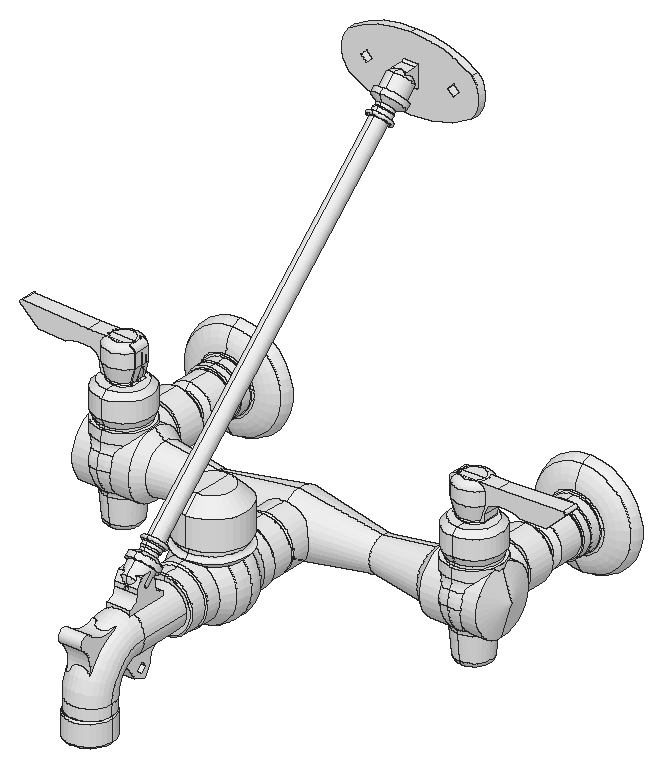
Revit family
Parameters (values of type "8344.012.002")
  Waste Connection = no
  WFU = 0
  Vent Connection = no
  URL = "http://www.americanstandard-us.com"
  Type Comments = ""
  Revised Date = "12/12/11"
  Product URL = "http://www.americanstandard-us.com/products/productDetail.aspx?id=4320"
  Phone # = "416-250-5656"
  Model = "8344.012.002"
  Material = Cast Brass
  Manufacturer = "American Standard"
  Keynote = ""
  HWFU = 0
  HW Connection = no
  Designed By = "ATS BIM Team"
  Description = "Faucet, C.P. 6\" - 10\" (152mm-250mm) adjustable wall mounted C.C., solid cast brass body, 6\" (152mm) cast brass spout with vacuum breaker, 1/4 turn ceramic disc cartridges, 19 LPM - 34 LPM (5 GPM - 9 GPM), brass lever handles, integral stops, top brace and hose end."
  Cost = 0
  CWFU = 0
  CW Connection = no
Reference planes (in)
  plane 1: z = 0
  plane 2: x = 0
  plane 3: y = 3.38087
  plane 4: x = -3.98774
Forms (in)
  Extrusion 1, solid, material "Cast Brass" <- "Material"
    sketch origin (-5.87013, 3.442, 5.47813) x (1, 0, 0) y (0, 0, -1)
      loop
        circle (1.88239, 5.42779) r 1
    from -0.13921 to 0.04829
  Revolve 2, solid, material "Cast Brass" <- "Material"
    sketch origin (4.00739, -60, 0) x (0, 1, 0) y (0, 0, 1)
      loop
        arc (63.38061, 1.18701) -> (63.25965, 1.16049) -> (63.14995, 1.10306) r 0.46598
        arc (63.14995, 1.10306) -> (63.0062, 0.89245) -> (62.94588, 0.64471) r 0.71194
        arc (62.94588, 0.64471) -> (62.93992, 0.6254) -> (62.92568, 0.61105) r 0.04236
        line (62.92568, 0.61105) -> (62.90817, 0.58071) -> (62.68198, 0.58071) -> (62.65667, 0.56299) -> (62.49478, 0.56299)
        arc (62.49478, 0.56299) -> (62.47894, 0.55643) -> (62.47237, 0.54058) r 0.02241
        line (62.47237, 0.54058) -> (62.45576, 0.51181) -> (61.92281, 0.51181) -> (61.80175, 0.39075) -> (61.64802, 0.39075) -> (61.64802, 0.48306) -> (61.53154, 0.59954) -> (60.91998, 0.59954) -> (60.91998, 0.53613) -> (60.57883, 0.53613) -> (60.57883, 0) -> (63.49029, 0) -> (63.49029, 1.04829) -> (63.38061, 1.04829) -> (63.38061, 1.18701)
      axis (60.57883, 0) -> (63.49029, 0)
    angle from 0 to 360
  Revolve 3, solid, material "Cast Brass" <- "Material"
    sketch origin (4.01226, -1.2, -0.94966) x (0, 0, -1) y (0, 1, 0)
      loop
        line (0.53361, 0.8817) -> (0.53361, 1.23246) -> (-2.42752, 1.23246) -> (-2.42752, 0.99624) -> (-2.38765, 0.99624) -> (-2.34828, 0.95687) -> (-2.34828, 0.73644) -> (-2.22225, 0.61041) -> (-1.78499, 0.61041) -> (-1.63175, 0.68187) -> (-1.57681, 0.68187) -> (-1.57681, 0.5995) -> (-1.3452, 0.58737)
        arc (-1.3452, 0.58737) -> (-1.23873, 0.57618) -> (-1.13814, 0.53956) r 0.4392
        arc (-1.13814, 0.53956) -> (-0.98517, 0.48539) -> (-0.8234, 0.47266) r 0.62161
        arc (-0.8234, 0.47266) -> (-0.52239, 0.54493) -> (-0.26727, 0.72027) r 0.84935
        arc (-0.26727, 0.72027) -> (-0.2089, 0.76114) -> (-0.14006, 0.77959) r 0.2052
        line (-0.14006, 0.77959) -> (0.44548, 0.83082)
        arc (0.44548, 0.83082) -> (0.49399, 0.84855) -> (0.53361, 0.8817) r 0.14988
      axis (-2.42752, 1.23246) -> (0.53361, 1.23246)
    angle from 0 to 360
  Revolve 4, solid, material "Cast Brass" <- "Material"
    sketch origin (0.01226, -1.2, -0.94966) x (0, 0, -1) y (0, 1, 0)
      loop
        line (-0.23481, 0.2384) -> (-0.19544, 0.27777) -> (-0.19544, 0.80365) -> (-0.82466, 0.80365) -> (-0.82466, -2.63561) -> (-0.22588, -2.63561) -> (-0.19544, -2.60517) -> (-0.19544, -2.26553) -> (-0.15719, -2.22728) -> (-0.15719, -1.89621)
        arc (-0.15719, -1.89621) -> (-0.08393, -1.73736) -> (0.00153, -1.58472) r 2.23457
        arc (0.00153, -1.58472) -> (0.04096, -1.41523) -> (0.06031, -1.24228) r 1.48535
        arc (0.06031, -1.24228) -> (0.05008, -1.07444) -> (0.00228, -0.91322) r 0.74139
        arc (0.00228, -0.91322) -> (-0.09339, -0.77042) -> (-0.15719, -0.61081) r 0.81997
        line (-0.15719, -0.61081) -> (-0.15719, -0.3134) -> (-0.19544, -0.27515) -> (-0.19544, 0.19903) -> (-0.23481, 0.2384)
      axis (-0.82466, -2.63561) -> (-0.82466, 0.80365)
    angle from 0 to 360
  Sweep 5, solid, material "Cast Brass" <- "Material"
    path origin (-3.98774, -1.2, -0.94966) x (0, 0, -1) y (0, 1, 0)
      loop
        line (-0.82466, -2.63561) -> (-0.82466, -3.82908)
        arc (-0.82466, -3.82908) -> (-0.55367, -4.48329) -> (0.10054, -4.75427) r 0.9252
        line (0.10054, -4.75427) -> (0.35054, -4.75427)
    profile origin (-3.98774, -4.43234, -0.125) x (0, 0, -1) y (1, 0, 0)
      loop
        circle (0, 4) r 0.5
  Revolve 6, solid, material "Cast Brass" <- "Material"
    sketch origin (-5.78035, -5.97585, -1.46862) x (1, 0, 0) y (0, 0, -1)
      loop
        line (5.79018, -0.15898) -> (6.29018, -0.15898) -> (6.3123, -0.12066) -> (6.3123, 0.34848) -> (6.27136, 0.38942) -> (5.79018, 0.38942) -> (5.79018, -0.15898)
      axis (5.79018, -0.15898) -> (5.79018, 0.38942)
    angle from 0 to 360
  Revolve 7, solid, material "Cast Brass" <- "Material"
    sketch origin (-5.78035, 0.06837, -1.46862) x (1, 0, 0) y (0, 0, -1)
      loop
        line (3.89647, -1.7289) -> (5.78035, -2.03942) -> (7.66424, -1.7289) -> (8.8873, -1.90079) -> (9.11806, -2.09442) -> (10.40428, -2.09442) -> (10.61957, -1.34362) -> (0.94114, -1.34362) -> (1.15643, -2.09442) -> (2.44265, -2.09442) -> (2.67341, -1.90079) -> (3.89647, -1.7289)
      axis (10.61957, -1.34362) -> (0.94114, -1.34362)
    angle from 0 to 360
  Revolve 8, solid, material "Cast Brass" <- "Material"
    sketch origin (2.21965, 0.0321, -1.46862) x (1, 0, 0) y (0, 0, -1)
      loop
        line (1.79261, -3.74519) -> (2.04261, -3.74519)
        arc (2.04261, -3.74519) -> (2.15014, -3.70606) -> (2.20735, -3.60696) r 0.16728
        line (2.20735, -3.60696) -> (2.20735, -3.29266) -> (2.12093, -2.97011) -> (2.13978, -2.94319) -> (2.08965, -2.93614) -> (1.79261, -2.93614) -> (1.79261, -3.74519)
      axis (1.79261, -2.93614) -> (1.79261, -3.74519)
    angle from 0 to 360
  Extrusion 9, solid, material "Cast Brass" <- "Material"
    sketch origin (-5.78035, 3.38087, -1.46862) x (1, 0, 0) y (0, 0, -1)
      loop
        line (12.0285, -3.74406) -> (11.59574, -3.33417) -> (10.98662, -3.31863)
        arc (10.98662, -3.31863) -> (10.83819, -3.37003) -> (10.68224, -3.3889) r 0.73916
        line (10.68224, -3.3889) -> (10.4648, -3.3889)
        arc (10.4648, -3.3889) -> (10.27584, -3.31361) -> (10.19042, -3.12901) r 0.27479
        line (10.19042, -3.12901) -> (10.17093, -2.97028)
        arc (10.17093, -2.97028) -> (10.15542, -2.94342) -> (10.12532, -2.93591) r 0.0397
        line (10.12532, -2.93591) -> (9.43803, -2.93591) -> (9.47223, -2.97011) -> (9.37787, -3.29266) -> (9.37787, -3.60696)
        arc (9.37787, -3.60696) -> (9.41778, -3.70332) -> (9.51414, -3.74323) r 0.13627
        line (9.51414, -3.74323) -> (10.47362, -3.74323) -> (11.97035, -3.8022)
        arc (11.97035, -3.8022) -> (12.01147, -3.78517) -> (12.0285, -3.74406) r 0.05814
    from -3.5255 to -3.16637
  Revolve 10, solid, material "Cast Brass" <- "Material"
    sketch origin (0.01226, -1.2, -0.94966) x (0, 0, -1) y (0, 1, 0)
      loop
        line (-2.7145, -1.25766) -> (-2.7145, -1.71837) -> (-2.39949, -2.03338) -> (-1.73503, -2.03338) -> (-1.73503, -1.94903) -> (-1.6033, -1.94903)
        arc (-1.6033, -1.94903) -> (-1.52767, -1.98035) -> (-1.49634, -2.05598) r 0.10696
        line (-1.49634, -2.05598) -> (-1.34482, -1.90447) -> (-1.34482, -1.25766) -> (-2.7145, -1.25766)
      axis (-1.34482, -1.25766) -> (-2.7145, -1.25766)
    angle from 0 to 360
  Revolve 11, solid, material "Cast Brass" <- "Material"
    sketch origin (0, -1.2, -0.94966) x (0, 0, -1) y (0, 1, 0)
      loop
        line (-2.37522, -3.00323) -> (-2.40639, -3.0344)
        arc (-2.40639, -3.0344) -> (-2.42156, -3.07735) -> (-2.3767, -3.08524) r 0.02984
        line (-2.3767, -3.08524) -> (-2.32451, -3.08524) -> (-2.26947, -3.14566) -> (-2.23412, -3.15513) -> (-2.18143, -3.20782) -> (-2.24414, -3.38995) -> (-2.15603, -3.48668) -> (-2.10789, -3.43853) -> (-1.87585, -3.69326)
        arc (-1.87585, -3.69326) -> (-1.80584, -3.70588) -> (-1.73475, -3.70313) r 0.32841
        line (-1.73475, -3.70313) -> (-1.69635, -3.7253)
        arc (-1.69635, -3.7253) -> (-1.60237, -3.72287) -> (-1.52211, -3.67394) r 0.18224
        line (-1.52211, -3.67394) -> (-8.75966, 4.27118)
        arc (-8.75966, 4.27118) -> (-8.84493, 4.12481) -> (-8.85609, 3.95578) r 0.37028
        line (-8.85609, 3.95578) -> (-8.62437, 3.70141) -> (-8.67804, 3.64774) -> (-8.59056, 3.56027) -> (-8.40413, 3.5999) -> (-8.35094, 3.5467) -> (-8.34785, 3.51132) -> (-8.28478, 3.44209) -> (-8.29926, 3.40436)
        arc (-8.29926, 3.40436) -> (-8.3014, 3.35843) -> (-8.25547, 3.35629) r 0.03251
        line (-8.25547, 3.35629) -> (-8.20787, 3.39964) -> (-2.37522, -3.00323)
      axis (-1.52211, -3.67394) -> (-8.75966, 4.27118)
    angle from 0 to 360
  Extrusion 12, solid, material "Cast Brass" <- "Material"
    sketch origin (-3.98774, -1.2, -0.94966) x (0, 0, -1) y (0, 1, 0)
      loop
        line (-1.36737, -3.93891) -> (-1.23097, -3.93891) -> (-1.23097, -3.00073) -> (-1.37386, -3.00073)
        arc (-1.37386, -3.00073) -> (-1.44107, -3.16301) -> (-1.60335, -3.23022) r 0.22949
        line (-1.60335, -3.23022) -> (-1.69343, -3.23022) -> (-1.90544, -3.3627) -> (-1.90544, -3.6127) -> (-1.69472, -3.72475) -> (-1.60523, -3.72475)
        arc (-1.60523, -3.72475) -> (-1.44374, -3.78457) -> (-1.36737, -3.93891) r 0.23315
    from 3.73088 to 4.25527
  Extrusion 13, solid, material "Cast Brass" <- "Material"
    sketch origin (-5.78035, 3.38087, -1.46862) x (1, 0, 0) y (0, 0, -1)
      loop
        arc (5.78035, -9.99267) -> (6.51777, -9.90301) -> (7.19064, -9.58828) r 2.35665
        arc (7.19064, -9.58828) -> (7.35835, -9.14751) -> (7.19064, -8.70674) r 0.66305
        arc (7.19064, -8.70674) -> (6.51524, -8.39958) -> (5.78035, -8.29731) r 2.5803
        arc (5.78035, -8.29731) -> (5.04547, -8.39958) -> (4.37007, -8.70674) r 2.5803
        arc (4.37007, -8.70674) -> (4.20236, -9.14751) -> (4.37007, -9.58828) r 0.66305
        arc (4.37007, -9.58828) -> (5.04294, -9.90301) -> (5.78035, -9.99267) r 2.35665
      loop
        line (6.78427, -9.28429) -> (6.92061, -9.14795) -> (6.78282, -9.01015) -> (6.64648, -9.14649) -> (6.78427, -9.28429)
      loop
        line (4.77644, -9.28429) -> (4.91423, -9.14649) -> (4.77789, -9.01015) -> (4.64009, -9.14795) -> (4.77644, -9.28429)
    from -0.15652 to 0.0167
  Extrusion 14, solid, material "Cast Brass" <- "Material"
    sketch origin (-3.98774, -1.2, -0.94966) x (0, 0, -1) y (0, 1, 0)
      loop
        arc (-8.89263, 4.42434) -> (-8.85511, 4.4088) -> (-8.83957, 4.37128) r 0.05306
        line (-8.83957, 4.37128) -> (-8.83957, 4.10937) -> (-8.7807, 3.95602) -> (-8.62746, 3.8941) -> (-8.47421, 3.95602) -> (-8.41534, 4.10937) -> (-8.41534, 4.37128)
        arc (-8.41534, 4.37128) -> (-8.3998, 4.4088) -> (-8.36228, 4.42434) r 0.05306
        line (-8.36228, 4.42434) -> (-8.89263, 4.42434)
      loop
        line (-8.70167, 4.04169) -> (-8.55339, 4.04169) -> (-8.55339, 4.17708) -> (-8.70167, 4.17708) -> (-8.70167, 4.04169)
    from 3.83392 to 4.15621
  Revolve 15, solid, material "Cast Brass" <- "Material"
    sketch origin (-4.00739, -60, 0) x (0, 1, 0) y (0, 0, -1)
      loop
        line (63.38061, -1.18701) -> (63.38061, -1.04829) -> (63.49029, -1.04829) -> (63.49029, 0) -> (60.57883, 0) -> (60.57883, -0.53613) -> (60.91998, -0.53613) -> (60.91998, -0.59954) -> (61.53154, -0.59954) -> (61.64802, -0.48306) -> (61.64802, -0.39075) -> (61.80175, -0.39075) -> (61.92281, -0.51181) -> (62.45576, -0.51181) -> (62.47237, -0.54058)
        arc (62.47237, -0.54058) -> (62.47894, -0.55643) -> (62.49478, -0.56299) r 0.02241
        line (62.49478, -0.56299) -> (62.65667, -0.56299) -> (62.68198, -0.58071) -> (62.90817, -0.58071) -> (62.92568, -0.61105)
        arc (62.92568, -0.61105) -> (62.93992, -0.6254) -> (62.94588, -0.64471) r 0.04236
        arc (62.94588, -0.64471) -> (63.0062, -0.89245) -> (63.14995, -1.10306) r 0.71194
        arc (63.14995, -1.10306) -> (63.25965, -1.16049) -> (63.38061, -1.18701) r 0.46598
      axis (60.57883, 0) -> (63.49029, 0)
    angle from 0 to 360
  Revolve 16, solid, material "Cast Brass" <- "Material"
    sketch origin (-4.01226, -1.2, -0.94966) x (0, 0, -1) y (0, -1, 0)
      loop
        arc (0.53361, -0.8817) -> (0.49399, -0.84855) -> (0.44548, -0.83082) r 0.14988
        line (0.44548, -0.83082) -> (-0.14006, -0.77959)
        arc (-0.14006, -0.77959) -> (-0.2089, -0.76114) -> (-0.26727, -0.72027) r 0.2052
        arc (-0.26727, -0.72027) -> (-0.52239, -0.54493) -> (-0.8234, -0.47266) r 0.84935
        arc (-0.8234, -0.47266) -> (-0.98517, -0.48539) -> (-1.13814, -0.53956) r 0.62161
        arc (-1.13814, -0.53956) -> (-1.23873, -0.57618) -> (-1.3452, -0.58737) r 0.4392
        line (-1.3452, -0.58737) -> (-1.57681, -0.5995) -> (-1.57681, -0.68187) -> (-1.63175, -0.68187) -> (-1.78499, -0.61041) -> (-2.22225, -0.61041) -> (-2.34828, -0.73644) -> (-2.34828, -0.95687) -> (-2.38765, -0.99624) -> (-2.42752, -0.99624) -> (-2.42752, -1.23246) -> (0.53361, -1.23246) -> (0.53361, -0.8817)
      axis (-2.42752, -1.23246) -> (0.53361, -1.23246)
    angle from 0 to 360
  Revolve 17, solid, material "Cast Brass" <- "Material"
    sketch origin (-2.21965, 0.0321, -1.46862) x (-1, 0, 0) y (0, 0, 1)
      loop
        line (1.79261, 3.74519) -> (1.79261, 2.93614) -> (2.08965, 2.93614) -> (2.13978, 2.94319) -> (2.12093, 2.97011) -> (2.20735, 3.29266) -> (2.20735, 3.60696)
        arc (2.20735, 3.60696) -> (2.15014, 3.70606) -> (2.04261, 3.74519) r 0.16728
        line (2.04261, 3.74519) -> (1.79261, 3.74519)
      axis (1.79261, 2.93614) -> (1.79261, 3.74519)
    angle from 0 to 360
  Extrusion 18, solid, material "Cast Brass" <- "Material"
    sketch origin (5.78035, 3.38087, -1.46862) x (-1, 0, 0) y (0, 0, 1)
      loop
        arc (12.0285, 3.74406) -> (12.01147, 3.78517) -> (11.97035, 3.8022) r 0.05814
        line (11.97035, 3.8022) -> (10.47362, 3.74323) -> (9.51414, 3.74323)
        arc (9.51414, 3.74323) -> (9.41778, 3.70332) -> (9.37787, 3.60696) r 0.13627
        line (9.37787, 3.60696) -> (9.37787, 3.29266) -> (9.47223, 2.97011) -> (9.43803, 2.93591) -> (10.12532, 2.93591)
        arc (10.12532, 2.93591) -> (10.15542, 2.94342) -> (10.17093, 2.97028) r 0.0397
        line (10.17093, 2.97028) -> (10.19042, 3.12901)
        arc (10.19042, 3.12901) -> (10.27584, 3.31361) -> (10.4648, 3.3889) r 0.27479
        line (10.4648, 3.3889) -> (10.68224, 3.3889)
        arc (10.68224, 3.3889) -> (10.83819, 3.37003) -> (10.98662, 3.31863) r 0.73916
        line (10.98662, 3.31863) -> (11.59574, 3.33417) -> (12.0285, 3.74406)
    from -3.5255 to -3.16637
  Extrusion 19, solid, material "Cast Brass" <- "Material"
    sketch origin (-3.98774, -1.2, -0.94966) x (0, 0, -1) y (0, 1, 0)
      loop
        arc (-1.08809, -5.2318) -> (-0.79039, -5.06032) -> (-0.44706, -5.07242) r 0.62393
        line (-0.44706, -5.07242) -> (-1.19645, -4.32303)
        arc (-1.19645, -4.32303) -> (-1.15217, -4.68515) -> (-1.30218, -5.0177) r 0.67723
        arc (-1.30218, -5.0177) -> (-1.32905, -5.25866) -> (-1.08809, -5.2318) r 0.1552
    from 3.71669 to 4.23088
  Extrusion 20, solid, material "Cast Brass" <- "Material"
    sketch origin (-3.98774, -1.2, -0.94966) x (0, 0, -1) y (0, 1, 0)
      loop
        line (-0.07861, -3.8376) -> (0.17899, -3.68888) -> (0.28847, -3.40365) -> (0.04936, -3.23622) -> (-0.0661, -3.23622)
        arc (-0.0661, -3.23622) -> (-0.21992, -3.17251) -> (-0.28363, -3.0187) r 0.21752
        line (-0.28363, -3.0187) -> (-0.39552, -3.0187) -> (-0.42727, -3.85892) -> (-0.14767, -4.27344) -> (-0.07861, -4.20438)
        arc (-0.07861, -4.20438) -> (-0.16831, -4.02099) -> (-0.07861, -3.8376) r 0.23231
      loop
        line (-0.08364, -3.48623) -> (0.04613, -3.616) -> (0.18455, -3.47758) -> (0.05478, -3.34781) -> (-0.08364, -3.48623)
    from 3.84008 to 4.15504
Cuts and joins
  joined: Revolve 4, Sweep 5, Revolve 6, Revolve 7, Extrusion 12, Extrusion 19, Extrusion 20
  joined: Revolve 3, Extrusion 9, Revolve 16
  joined: Revolve 11, Extrusion 13, Extrusion 14
